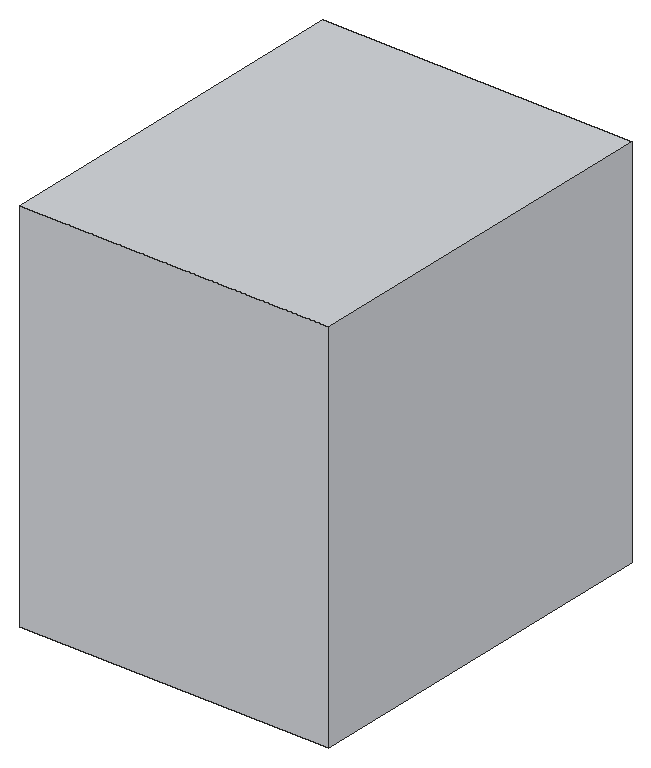
Revit family "ab_famiglia_eserc1", category Generic Models, Revit 2017
Family settings
  Can host rebar = No
  Round Connector Dimension = Use Diameter
  Part Type = Normal
  Work Plane-Based = No
  Always vertical = Yes
  Cut with Voids When Loaded = No
  Shared = No
  Room Calculation Point = No
Parameters
  altezza da base [instance] = 30 cm
  C_larghezza [instance] = 110 cm
  A_lunghezza [instance] = 90 cm
  A_altezza da terra [instance] = 110 cm
Reference planes (cm)
  plane 1 "Center (Front/Back)": y = 0
  plane 2: z = 0
  plane 3 "Center (Left/Right)": x = 0
  plane 4 "altezza": x = 90
  plane 5 "base": y = 110
  plane 6 "altezza da terra": z = 140
  plane 7 "altezza base": z = 30
Forms (cm)
  Extrusion 1, solid
    sketch origin (0, 0, 0) x (1, 0, 0) y (0, 1, 0)
      loop
        line (0, 110) -> (0, 0) -> (90, 0) -> (90, 110) -> (0, 110)
    from 30 to 140
Dimensions and locks (cm)
  "C_larghezza": plane 1 "Center (Front/Back)" to plane 5 "base"
  "A_lunghezza": plane 3 "Center (Left/Right)" to plane 4 "altezza"
  "A_altezza da terra": plane 6 "altezza da terra" to plane 7 "altezza base"
  "altezza da base": plane 7 "altezza base" to level
  aligned and locked: level to plane 2
  aligned and locked: plane 5 "base" to Extrusion 1
  aligned and locked: plane 1 "Center (Front/Back)" to Extrusion 1
  aligned and locked: plane 4 "altezza" to Extrusion 1
  aligned and locked: Extrusion 1 to plane 3 "Center (Left/Right)"
  aligned and locked: Extrusion 1 to plane 6 "altezza da terra"
  aligned and locked: plane 6 "altezza da terra" to Extrusion 1
  aligned and locked: plane 7 "altezza base" to Extrusion 1
Automatic sketch dimensions
  Extrusion 1 sketch curve to plane 3 "Center (Left/Right)" = 0 cm
  plane 4 "altezza" to Extrusion 1 sketch curve = 0 cm
  plane 1 "Center (Front/Back)" to Extrusion 1 sketch curve = 0 cm
  plane 5 "base" to Extrusion 1 sketch curve = 0 cm
